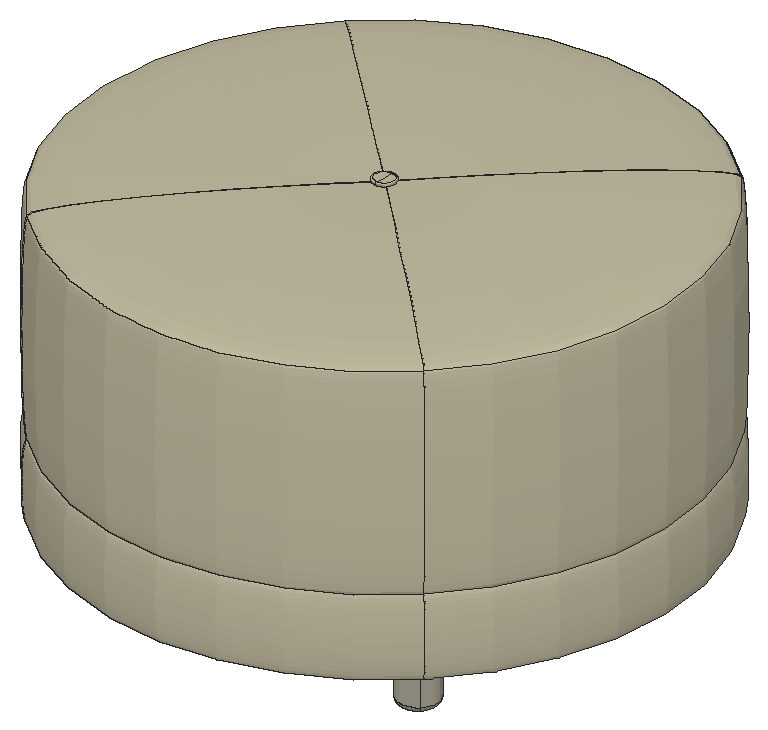
Revit family
Parameters
  URL = "http://www.martinbrattrud.com"
  SCS Certified Product = "Yes"
  Model = "Stonehenge 915-65R"
  Manufacturer = "Martin Brattrud, Inc."
  Leg [instance] = none
  Keynote = "125000"
  Copyright = "© 2013 Martin Brattrud, Inc."
  Ottoman [instance] = none
  Authoring Version = "Revit Architecture 2010"
  Assembly Code = "E2020200"
Reference planes (in)
  plane 1 "Center Front/Back": y = 0
  plane 2: z = 0
  plane 3 "Center Left/Right": x = 0
Forms (in)
  Extrusion 1, solid, material <- "Leg"
    sketch origin (0, 0, 0) x (1, 0, 0) y (0, 1, 0)
      loop
        circle (-8.89396, 8.89396) r 1
      loop
        circle (-8.89396, -8.89396) r 1
      loop
        circle (8.89396, -8.89396) r 1
      loop
        circle (8.89396, 8.89396) r 1
    from 0.25 to 2.24989
  Revolve 2, solid, material <- "Leg"
    sketch origin (-0.44165, 0.44165, 0) x (-0.707107, 0.707107, 0) y (0, 0, -1)
      loop
        arc (-12.20254, -0.25) -> (-12.27577, -0.07322) -> (-12.45254, 0) r 0.25
        line (-12.45254, 0) -> (-13.20254, 0) -> (-13.20254, -0.25) -> (-12.20254, -0.25)
      axis (-13.20254, 0) -> (-13.20254, -0.25)
    angle from 0 to 360
  Revolve 3, solid, material <- "Ottoman"
    sketch origin (0, 0, 0) x (0, -1, 0) y (0, 0, 1)
      loop
        line (0, 2.2499) -> (0, 17.45461)
        spline (0, 17.45461) -> (-1.69423, 17.48633) -> (-3.4409, 17.49924) -> (-5.19546, 17.49304) -> (-6.91314, 17.46786) -> (-8.55013, 17.42436) -> (-10.06467, 17.36365) -> (-11.41812, 17.28727) -> (-12.57595, 17.19717) -> (-13.50863, 17.09566) -> (-14.19236, 16.98531) -> (-14.6097, 16.86895) -> (-14.75001, 16.74954)
        spline (-14.75001, 16.74954) -> (-14.81471, 16.57066) -> (-14.87501, 16.0462) -> (-14.92678, 15.2119) -> (-14.96651, 14.12463) -> (-14.99148, 12.85847) -> (-15, 11.49972) -> (-14.99148, 10.14096) -> (-14.96651, 8.87481) -> (-14.92678, 7.78753) -> (-14.87501, 6.95324) -> (-14.81471, 6.42878) -> (-14.75001, 6.2499)
        spline (-14.75001, 6.2499) -> (-14.81328, 6.18175) -> (-14.87224, 5.98195) -> (-14.92286, 5.66411) -> (-14.96171, 5.2499) -> (-14.98613, 4.76754) -> (-14.99446, 4.2499) -> (-14.98613, 3.73226) -> (-14.96171, 3.2499) -> (-14.92286, 2.83568) -> (-14.87224, 2.51785) -> (-14.81328, 2.31805) -> (-14.75001, 2.2499)
        line (-14.75001, 2.2499) -> (0, 2.2499)
      axis (0, 17.45461) -> (0, 2.2499)
    angle from 45 to -45
  Revolve 4, solid, material <- "Leg"
    sketch origin (-0.44165, -0.44165, 0) x (-0.707107, -0.707107, 0) y (0, 0, 1)
      loop
        line (-12.20254, 0.25) -> (-13.20254, 0.25) -> (-13.20254, 0) -> (-12.45254, 0)
        arc (-12.45254, 0) -> (-12.27577, 0.07322) -> (-12.20254, 0.25) r 0.25
      axis (-13.20254, 0) -> (-13.20254, 0.25)
    angle from 0 to 360
  Revolve 5, solid, material <- "Leg"
    sketch origin (0.44165, 0.44165, 0) x (0.707107, 0.707107, 0) y (0, 0, 1)
      loop
        line (-12.20254, 0.25) -> (-13.20254, 0.25) -> (-13.20254, 0) -> (-12.45254, 0)
        arc (-12.45254, 0) -> (-12.27577, 0.07322) -> (-12.20254, 0.25) r 0.25
      axis (-13.20254, 0) -> (-13.20254, 0.25)
    angle from 0 to 360
  Revolve 6, solid, material <- "Leg"
    sketch origin (0.44165, -0.44165, 0) x (0.707107, -0.707107, 0) y (0, 0, -1)
      loop
        arc (-12.20254, -0.25) -> (-12.27577, -0.07322) -> (-12.45254, 0) r 0.25
        line (-12.45254, 0) -> (-13.20254, 0) -> (-13.20254, -0.25) -> (-12.20254, -0.25)
      axis (-13.20254, 0) -> (-13.20254, -0.25)
    angle from 0 to 360
  Revolve 7, solid, material <- "Ottoman"
    sketch origin (0, 0, 0) x (0, 1, 0) y (0, 0, 1)
      loop
        line (0, 17.49954) -> (0, 17.62454) -> (-0.5, 17.62454)
        arc (-0.5, 17.62454) -> (-0.5625, 17.56204) -> (-0.5, 17.49954) r 0.0625
        line (-0.5, 17.49954) -> (0, 17.49954)
      axis (0, 17.62454) -> (0, 17.49954)
    angle from 0 to 360
  Revolve 8, solid, material <- "Ottoman"
    sketch origin (0, 0, 0) x (0, 1, 0) y (0, 0, 1)
      loop
        line (0, 2.2499) -> (0, 17.45461)
        spline (0, 17.45461) -> (-1.69423, 17.48633) -> (-3.4409, 17.49924) -> (-5.19546, 17.49304) -> (-6.91314, 17.46786) -> (-8.55013, 17.42436) -> (-10.06467, 17.36365) -> (-11.41812, 17.28727) -> (-12.57595, 17.19717) -> (-13.50863, 17.09566) -> (-14.19236, 16.98531) -> (-14.6097, 16.86895) -> (-14.75001, 16.74954)
        spline (-14.75001, 16.74954) -> (-14.81471, 16.57066) -> (-14.87501, 16.0462) -> (-14.92678, 15.2119) -> (-14.96651, 14.12463) -> (-14.99148, 12.85847) -> (-15, 11.49972) -> (-14.99148, 10.14096) -> (-14.96651, 8.87481) -> (-14.92678, 7.78753) -> (-14.87501, 6.95324) -> (-14.81471, 6.42878) -> (-14.75001, 6.2499)
        spline (-14.75001, 6.2499) -> (-14.81328, 6.18175) -> (-14.87224, 5.98195) -> (-14.92286, 5.66411) -> (-14.96171, 5.2499) -> (-14.98613, 4.76754) -> (-14.99446, 4.2499) -> (-14.98613, 3.73226) -> (-14.96171, 3.2499) -> (-14.92286, 2.83568) -> (-14.87224, 2.51785) -> (-14.81328, 2.31805) -> (-14.75001, 2.2499)
        line (-14.75001, 2.2499) -> (0, 2.2499)
      axis (0, 17.45461) -> (0, 2.2499)
    angle from 45 to -45
  Revolve 9, solid, material <- "Ottoman"
    sketch origin (0, 0, 0) x (-1, 0, 0) y (0, 0, 1)
      loop
        line (0, 2.2499) -> (0, 17.45461)
        spline (0, 17.45461) -> (-1.69423, 17.48633) -> (-3.4409, 17.49924) -> (-5.19546, 17.49304) -> (-6.91314, 17.46786) -> (-8.55013, 17.42436) -> (-10.06467, 17.36365) -> (-11.41812, 17.28727) -> (-12.57595, 17.19717) -> (-13.50863, 17.09566) -> (-14.19236, 16.98531) -> (-14.6097, 16.86895) -> (-14.75001, 16.74954)
        spline (-14.75001, 16.74954) -> (-14.81471, 16.57066) -> (-14.87501, 16.0462) -> (-14.92678, 15.2119) -> (-14.96651, 14.12463) -> (-14.99148, 12.85847) -> (-15, 11.49972) -> (-14.99148, 10.14096) -> (-14.96651, 8.87481) -> (-14.92678, 7.78753) -> (-14.87501, 6.95324) -> (-14.81471, 6.42878) -> (-14.75001, 6.2499)
        spline (-14.75001, 6.2499) -> (-14.81328, 6.18175) -> (-14.87224, 5.98195) -> (-14.92286, 5.66411) -> (-14.96171, 5.2499) -> (-14.98613, 4.76754) -> (-14.99446, 4.2499) -> (-14.98613, 3.73226) -> (-14.96171, 3.2499) -> (-14.92286, 2.83568) -> (-14.87224, 2.51785) -> (-14.81328, 2.31805) -> (-14.75001, 2.2499)
        line (-14.75001, 2.2499) -> (0, 2.2499)
      axis (0, 17.45461) -> (0, 2.2499)
    angle from 45 to -45
  Revolve 10, solid, material <- "Ottoman"
    sketch origin (0, 0, 0) x (1, 0, 0) y (0, 0, -1)
      loop
        line (0, -2.2499) -> (-14.75001, -2.2499)
        spline (-14.75001, -2.2499) -> (-14.81328, -2.31805) -> (-14.87224, -2.51785) -> (-14.92286, -2.83568) -> (-14.96171, -3.2499) -> (-14.98613, -3.73226) -> (-14.99446, -4.2499) -> (-14.98613, -4.76754) -> (-14.96171, -5.2499) -> (-14.92286, -5.66411) -> (-14.87224, -5.98195) -> (-14.81328, -6.18175) -> (-14.75001, -6.2499)
        spline (-14.75001, -6.2499) -> (-14.81471, -6.42878) -> (-14.87501, -6.95324) -> (-14.92678, -7.78753) -> (-14.96651, -8.87481) -> (-14.99148, -10.14096) -> (-15, -11.49972) -> (-14.99148, -12.85847) -> (-14.96651, -14.12463) -> (-14.92678, -15.2119) -> (-14.87501, -16.0462) -> (-14.81471, -16.57066) -> (-14.75001, -16.74954)
        spline (-14.75001, -16.74954) -> (-14.6097, -16.86895) -> (-14.19236, -16.98531) -> (-13.50863, -17.09566) -> (-12.57595, -17.19717) -> (-11.41812, -17.28727) -> (-10.06467, -17.36365) -> (-8.55013, -17.42436) -> (-6.91314, -17.46786) -> (-5.19546, -17.49304) -> (-3.4409, -17.49924) -> (-1.69423, -17.48633) -> (0, -17.45461)
        line (0, -17.45461) -> (0, -2.2499)
      axis (0, -17.45461) -> (0, -2.2499)
    angle from 45 to -45
